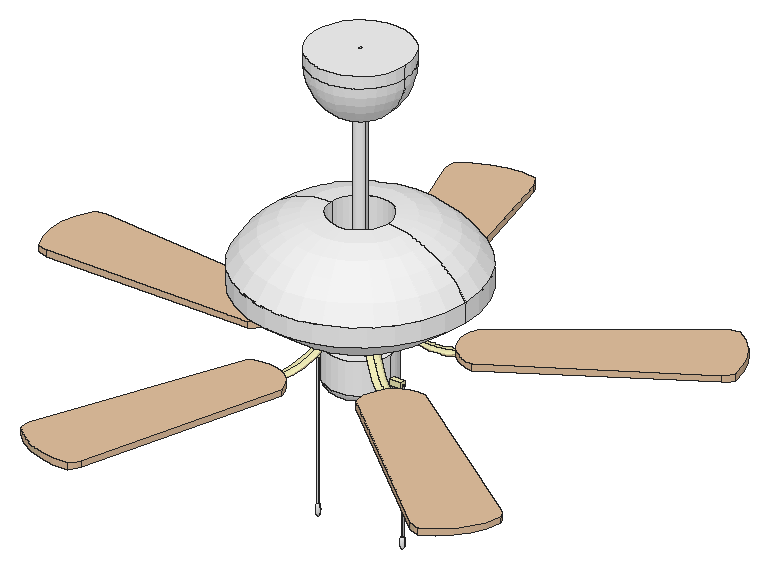
Revit family "Ceiling-Fan_Residential", category Mechanical Equipment, host Ceiling, Revit 2026 (continued)
Automatic sketch dimensions
  Extrusion 92 sketch curve to Extrusion 92 sketch curve = 0' - 0.19724"  (x2)
  Extrusion 92 sketch curve to Extrusion 92 sketch curve = 0' - 0.24955"  (x2)
  Extrusion 92 sketch curve to Extrusion 92 sketch curve = 0' - 0.28841"
  Extrusion 92 sketch curve to Extrusion 92 sketch curve = 0' - 0.29241"  (x2)
  Extrusion 92 sketch curve to Extrusion 92 sketch curve = 0' - 0.39545"
  Extrusion 92 sketch curve to Extrusion 92 sketch curve = 0' - 0.53533"
  Extrusion 92 sketch curve to Extrusion 92 sketch curve = 0' - 0.55751"
  Extrusion 92 sketch curve to Extrusion 92 sketch curve = 0' - 0.43587"
  Extrusion 92 sketch curve to Extrusion 92 sketch curve = 0' - 0.82225"
  Extrusion 92 sketch curve to Extrusion 92 sketch curve = 0' - 0.82378"
  Extrusion 92 sketch curve to Extrusion 92 sketch curve = 0' - 0.4251"
  Extrusion 92 sketch curve to Extrusion 92 sketch curve = 0' - 0.42664"
  Extrusion 92 sketch curve to Extrusion 92 sketch curve = 1' - 8.8809"
  Extrusion 92 sketch curve to Extrusion 92 sketch curve = 0' - 8.92457"
  Extrusion 92 sketch curve to Extrusion 92 sketch curve = 0' - 0.19469"
  Extrusion 92 sketch curve to Extrusion 92 sketch curve = 0' - 0.28395"
  Extrusion 92 sketch curve to Extrusion 92 sketch curve = 0' - 0.58905"
  Extrusion 92 sketch curve to Extrusion 92 sketch curve = 0' - 0.3598"
  Extrusion 92 sketch curve to Extrusion 92 sketch curve = 0' - 0.82935"
  Extrusion 92 sketch curve to Extrusion 92 sketch curve = 0' - 0.76103"
  Extrusion 92 sketch curve to Extrusion 92 sketch curve = 0' - 0.00067"
  Extrusion 92 sketch curve to Extrusion 92 sketch curve = 0' - 0.34414"
  Sweep 93 sketch curve to Sweep 93 sketch curve = 0' - 0.84213"
  Sweep 93 sketch curve to Sweep 93 sketch curve = 0' - 5.06505"
  Sweep 93 sketch curve to Sweep 93 sketch curve = 0' - 5.17371"
  Sweep 93 sketch curve to profile plane = 0' - 0"  (x2)
  profile plane to Sweep 93 sketch curve = 0' - 0.12404"
  Extrusion 94 sketch curve to Extrusion 94 sketch curve = 0' - 0"  (x3)
  Extrusion 94 sketch curve to Extrusion 94 sketch curve = 0' - 3.73676"
  Extrusion 94 sketch curve to Extrusion 94 sketch curve = 0' - 0.51545"  (x2)
  Extrusion 94 sketch curve to Extrusion 94 sketch curve = 0' - 0.10774"  (x2)
  Extrusion 94 sketch curve to Extrusion 94 sketch curve = 0' - 0.13401"
  Extrusion 94 sketch curve to Extrusion 94 sketch curve = 0' - 0.2174"  (x2)
  Extrusion 94 sketch curve to Extrusion 94 sketch curve = 0' - 0.19724"  (x2)
  Extrusion 94 sketch curve to Extrusion 94 sketch curve = 0' - 0.24955"  (x2)
  Extrusion 94 sketch curve to Extrusion 94 sketch curve = 0' - 0.28841"
  Extrusion 94 sketch curve to Extrusion 94 sketch curve = 0' - 0.29241"  (x2)
  Extrusion 94 sketch curve to Extrusion 94 sketch curve = 0' - 0.39545"
  Extrusion 94 sketch curve to Extrusion 94 sketch curve = 0' - 0.53533"
  Extrusion 94 sketch curve to Extrusion 94 sketch curve = 0' - 0.55751"
  Extrusion 94 sketch curve to Extrusion 94 sketch curve = 0' - 0.43587"
  Extrusion 94 sketch curve to Extrusion 94 sketch curve = 0' - 0.82225"
  Extrusion 94 sketch curve to Extrusion 94 sketch curve = 0' - 0.82378"
  Extrusion 94 sketch curve to Extrusion 94 sketch curve = 0' - 0.4251"
  Extrusion 94 sketch curve to Extrusion 94 sketch curve = 0' - 0.42664"
  Extrusion 94 sketch curve to Extrusion 94 sketch curve = 1' - 8.8809"
  Extrusion 94 sketch curve to Extrusion 94 sketch curve = 0' - 8.92457"
  Extrusion 94 sketch curve to Extrusion 94 sketch curve = 0' - 0.19469"
  Extrusion 94 sketch curve to Extrusion 94 sketch curve = 0' - 0.28395"
  Extrusion 94 sketch curve to Extrusion 94 sketch curve = 0' - 0.58905"
  Extrusion 94 sketch curve to Extrusion 94 sketch curve = 0' - 0.3598"
  Extrusion 94 sketch curve to Extrusion 94 sketch curve = 0' - 0.82935"
  Extrusion 94 sketch curve to Extrusion 94 sketch curve = 0' - 0.76103"
  Extrusion 94 sketch curve to Extrusion 94 sketch curve = 0' - 0.00067"
  Extrusion 94 sketch curve to Extrusion 94 sketch curve = 0' - 0.34414"
  Sweep 95 sketch curve to Sweep 95 sketch curve = 0' - 0.84213"
  Sweep 95 sketch curve to Sweep 95 sketch curve = 0' - 5.06505"
  Sweep 95 sketch curve to Sweep 95 sketch curve = 0' - 5.17371"
  Sweep 95 sketch curve to profile plane = 0' - 0"  (x2)
  profile plane to Sweep 95 sketch curve = 0' - 0.12404"
  profile plane to Sweep 96 sketch curve = 5' - 9 1/8"
  Extrusion 98 sketch curve to Extrusion 98 sketch curve = 0' - 2.74091"
  Extrusion 98 sketch curve to Extrusion 98 sketch curve = 0' - 0"
  Extrusion 98 sketch curve to Extrusion 98 sketch curve = 0' - 0.22336"
  Extrusion 101 sketch curve to Extrusion 101 sketch curve = 0' - 2.74091"
  Extrusion 101 sketch curve to Extrusion 101 sketch curve = 0' - 0"
  Extrusion 101 sketch curve to Extrusion 101 sketch curve = 0' - 0.22336"
  radius of Sweep 1 sketch curve = 0' - 4"
  radius of Extrusion 2 sketch curve = 0' - 0 1/2"
  radius of Extrusion 20 sketch curve = 0' - 1"
  radius of Extrusion 22 sketch curve = 0' - 0 1/16"
  radius of Extrusion 25 sketch curve = 0' - 0 1/16"
  radius of Sweep 27 sketch curve = 0' - 8"
  radius of Sweep 43 sketch curve = 0' - 2"
  radius of Extrusion 44 sketch curve = 0' - 1"
  radius of Extrusion 46 sketch curve = 0' - 0 1/16"
  radius of Extrusion 49 sketch curve = 0' - 0 1/16"
  radius of Sweep 66 sketch curve = 0' - 8"
  radius of Sweep 67 sketch curve = 0' - 2"
  radius of Extrusion 68 sketch curve = 0' - 1"
  radius of Extrusion 70 sketch curve = 0' - 0 1/16"
  radius of Extrusion 73 sketch curve = 0' - 0 1/16"
  radius of Sweep 3 sketch curve = 0' - 8"
  radius of Sweep 19 sketch curve = 0' - 2"
  radius of Extrusion 97 sketch curve = 0' - 1"
  radius of Extrusion 99 sketch curve = 0' - 0 1/16"
  radius of Extrusion 102 sketch curve = 0' - 0 1/16"
  radius of Sweep 85 sketch curve = 0' - 8"
  radius of Sweep 96 sketch curve = 0' - 2"
Types (4): name | Span | Blade Length | Pull Cord Finish
  52" | 4' - 4" | 1' - 6 5/16" | ARCAT - Plastic, ABS - White
  48" | 4' - 0" | 1' - 4 5/16" | Metal - Brass, Polished
  60" | 5' - 0" | 1' - 10 5/16" | Metal - Brass, Polished
  36" | 3' - 0" | 0' - 10 5/16" | Metal - Brass, Polished
